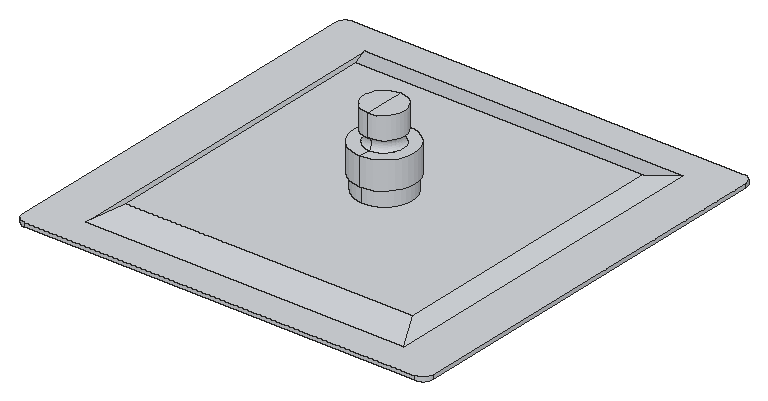
Revit family "BRG-GRF-DCH_ Briggs Reg. Cuad. Slim Inox Cr 20 cm", category Aparatos sanitarios, Revit 2020 (continued)
Definition of nested family "REJILLA"
  Automatic sketch dimensions
    SweptBlend 59 sketch curve to SweptBlend 59 sketch curve = 0.003 m
    SweptBlend 59 sketch curve to profile plane = 0.00 m
    SweptBlend 59 sketch curve to profile plane = 0.000418 m  (x2)
    profile plane to SweptBlend 59 sketch curve = 0.00 m
    SweptBlend 60 sketch curve to SweptBlend 60 sketch curve = 0.003 m
    SweptBlend 60 sketch curve to profile plane = 0.00 m
    SweptBlend 60 sketch curve to profile plane = 0.000418 m  (x2)
    profile plane to SweptBlend 60 sketch curve = 0.00 m
    SweptBlend 61 sketch curve to SweptBlend 61 sketch curve = 0.003 m
    SweptBlend 61 sketch curve to profile plane = 0.00 m
    SweptBlend 61 sketch curve to profile plane = 0.000418 m  (x2)
    profile plane to SweptBlend 61 sketch curve = 0.00 m
    SweptBlend 62 sketch curve to SweptBlend 62 sketch curve = 0.003 m
    SweptBlend 62 sketch curve to profile plane = 0.00 m
    SweptBlend 62 sketch curve to profile plane = 0.000418 m  (x2)
    profile plane to SweptBlend 62 sketch curve = 0.00 m
    SweptBlend 63 sketch curve to SweptBlend 63 sketch curve = 0.003 m
    SweptBlend 63 sketch curve to profile plane = 0.00 m
    SweptBlend 63 sketch curve to profile plane = 0.000418 m  (x2)
    profile plane to SweptBlend 63 sketch curve = 0.00 m
    SweptBlend 64 sketch curve to SweptBlend 64 sketch curve = 0.003 m
    SweptBlend 64 sketch curve to profile plane = 0.00 m
    SweptBlend 64 sketch curve to profile plane = 0.000418 m  (x2)
    profile plane to SweptBlend 64 sketch curve = 0.00 m
    SweptBlend 65 sketch curve to SweptBlend 65 sketch curve = 0.003 m
    SweptBlend 65 sketch curve to profile plane = 0.00 m
    SweptBlend 65 sketch curve to profile plane = 0.000418 m  (x2)
    profile plane to SweptBlend 65 sketch curve = 0.00 m
    SweptBlend 66 sketch curve to SweptBlend 66 sketch curve = 0.003 m
    SweptBlend 66 sketch curve to profile plane = 0.00 m
    SweptBlend 66 sketch curve to profile plane = 0.000418 m  (x2)
    profile plane to SweptBlend 66 sketch curve = 0.00 m
    SweptBlend 67 sketch curve to SweptBlend 67 sketch curve = 0.003 m
    SweptBlend 67 sketch curve to profile plane = 0.00 m
    SweptBlend 67 sketch curve to profile plane = 0.000418 m  (x2)
    profile plane to SweptBlend 67 sketch curve = 0.00 m
    SweptBlend 68 sketch curve to SweptBlend 68 sketch curve = 0.003 m
    SweptBlend 68 sketch curve to profile plane = 0.00 m
    SweptBlend 68 sketch curve to profile plane = 0.000418 m  (x2)
    profile plane to SweptBlend 68 sketch curve = 0.00 m
    SweptBlend 69 sketch curve to SweptBlend 69 sketch curve = 0.003 m
    SweptBlend 69 sketch curve to profile plane = 0.00 m
    SweptBlend 69 sketch curve to profile plane = 0.000418 m  (x2)
    profile plane to SweptBlend 69 sketch curve = 0.00 m
    SweptBlend 70 sketch curve to SweptBlend 70 sketch curve = 0.003 m
    SweptBlend 70 sketch curve to profile plane = 0.00 m
    SweptBlend 70 sketch curve to profile plane = 0.000418 m  (x2)
    profile plane to SweptBlend 70 sketch curve = 0.00 m
    SweptBlend 71 sketch curve to SweptBlend 71 sketch curve = 0.003 m
    SweptBlend 71 sketch curve to profile plane = 0.00 m
    SweptBlend 71 sketch curve to profile plane = 0.000418 m  (x2)
    profile plane to SweptBlend 71 sketch curve = 0.00 m
    SweptBlend 72 sketch curve to SweptBlend 72 sketch curve = 0.003 m
    SweptBlend 72 sketch curve to profile plane = 0.00 m
    SweptBlend 72 sketch curve to profile plane = 0.000418 m  (x2)
    profile plane to SweptBlend 72 sketch curve = 0.00 m
    SweptBlend 73 sketch curve to SweptBlend 73 sketch curve = 0.003 m
    SweptBlend 73 sketch curve to profile plane = 0.00 m
    SweptBlend 73 sketch curve to profile plane = 0.000418 m  (x2)
    profile plane to SweptBlend 73 sketch curve = 0.00 m
    SweptBlend 74 sketch curve to SweptBlend 74 sketch curve = 0.003 m
    SweptBlend 74 sketch curve to profile plane = 0.00 m
    SweptBlend 74 sketch curve to profile plane = 0.000418 m  (x2)
    profile plane to SweptBlend 74 sketch curve = 0.00 m
    SweptBlend 75 sketch curve to SweptBlend 75 sketch curve = 0.003 m
    SweptBlend 75 sketch curve to profile plane = 0.00 m
    SweptBlend 75 sketch curve to profile plane = 0.000418 m  (x2)
    profile plane to SweptBlend 75 sketch curve = 0.00 m
    SweptBlend 76 sketch curve to SweptBlend 76 sketch curve = 0.003 m
    SweptBlend 76 sketch curve to profile plane = 0.00 m
    SweptBlend 76 sketch curve to profile plane = 0.000418 m  (x2)
    profile plane to SweptBlend 76 sketch curve = 0.00 m
    SweptBlend 77 sketch curve to SweptBlend 77 sketch curve = 0.003 m
    SweptBlend 77 sketch curve to profile plane = 0.00 m
    SweptBlend 77 sketch curve to profile plane = 0.000418 m  (x2)
    profile plane to SweptBlend 77 sketch curve = 0.00 m
    SweptBlend 78 sketch curve to SweptBlend 78 sketch curve = 0.003 m
    SweptBlend 78 sketch curve to profile plane = 0.00 m
    SweptBlend 78 sketch curve to profile plane = 0.000418 m  (x2)
    profile plane to SweptBlend 78 sketch curve = 0.00 m
    SweptBlend 79 sketch curve to SweptBlend 79 sketch curve = 0.003 m
    SweptBlend 79 sketch curve to profile plane = 0.00 m
    SweptBlend 79 sketch curve to profile plane = 0.000418 m  (x2)
    profile plane to SweptBlend 79 sketch curve = 0.00 m
    SweptBlend 80 sketch curve to SweptBlend 80 sketch curve = 0.003 m
    SweptBlend 80 sketch curve to profile plane = 0.00 m
    SweptBlend 80 sketch curve to profile plane = 0.000418 m  (x2)
    profile plane to SweptBlend 80 sketch curve = 0.00 m
    SweptBlend 81 sketch curve to SweptBlend 81 sketch curve = 0.003 m
    SweptBlend 81 sketch curve to profile plane = 0.00 m
    SweptBlend 81 sketch curve to profile plane = 0.000418 m  (x2)
    profile plane to SweptBlend 81 sketch curve = 0.00 m
    SweptBlend 82 sketch curve to SweptBlend 82 sketch curve = 0.003 m
    SweptBlend 82 sketch curve to profile plane = 0.00 m
    SweptBlend 82 sketch curve to profile plane = 0.000418 m  (x2)
    profile plane to SweptBlend 82 sketch curve = 0.00 m
    SweptBlend 83 sketch curve to SweptBlend 83 sketch curve = 0.003 m
    SweptBlend 83 sketch curve to profile plane = 0.00 m
    SweptBlend 83 sketch curve to profile plane = 0.000418 m  (x2)
    profile plane to SweptBlend 83 sketch curve = 0.00 m
    SweptBlend 84 sketch curve to SweptBlend 84 sketch curve = 0.003 m
    SweptBlend 84 sketch curve to profile plane = 0.00 m
    SweptBlend 84 sketch curve to profile plane = 0.000418 m  (x2)
    profile plane to SweptBlend 84 sketch curve = 0.00 m
    SweptBlend 85 sketch curve to SweptBlend 85 sketch curve = 0.003 m
    SweptBlend 85 sketch curve to profile plane = 0.00 m
    SweptBlend 85 sketch curve to profile plane = 0.000418 m  (x2)
    profile plane to SweptBlend 85 sketch curve = 0.00 m
    SweptBlend 5 sketch curve to plane 3 "Centro (Izquierda/Derecha)" = 0.080418 m
    SweptBlend 5 sketch curve to level = 0.04664 m
    SweptBlend 6 sketch curve to plane 3 "Centro (Izquierda/Derecha)" = 0.060418 m
    SweptBlend 6 sketch curve to level = 0.04664 m
    SweptBlend 7 sketch curve to plane 3 "Centro (Izquierda/Derecha)" = 0.040418 m
    SweptBlend 7 sketch curve to level = 0.04664 m
    SweptBlend 8 sketch curve to plane 3 "Centro (Izquierda/Derecha)" = 0.020418 m
    SweptBlend 8 sketch curve to level = 0.04664 m
    SweptBlend 9 sketch curve to plane 3 "Centro (Izquierda/Derecha)" = 0.000418 m
    SweptBlend 9 sketch curve to level = 0.04664 m
    plane 3 "Centro (Izquierda/Derecha)" to SweptBlend 10 sketch curve = 0.019582 m
    SweptBlend 10 sketch curve to level = 0.04664 m
    plane 3 "Centro (Izquierda/Derecha)" to SweptBlend 11 sketch curve = 0.039582 m
    SweptBlend 11 sketch curve to level = 0.04664 m
    plane 3 "Centro (Izquierda/Derecha)" to SweptBlend 12 sketch curve = 0.059582 m
    SweptBlend 12 sketch curve to level = 0.04664 m
    plane 3 "Centro (Izquierda/Derecha)" to SweptBlend 13 sketch curve = 0.079582 m
    SweptBlend 13 sketch curve to level = 0.04664 m
    SweptBlend 14 sketch curve to plane 3 "Centro (Izquierda/Derecha)" = 0.080418 m
    SweptBlend 14 sketch curve to level = 0.04664 m
    SweptBlend 15 sketch curve to plane 3 "Centro (Izquierda/Derecha)" = 0.060418 m
    SweptBlend 15 sketch curve to level = 0.04664 m
    SweptBlend 16 sketch curve to plane 3 "Centro (Izquierda/Derecha)" = 0.040418 m
    SweptBlend 16 sketch curve to level = 0.04664 m
    SweptBlend 17 sketch curve to plane 3 "Centro (Izquierda/Derecha)" = 0.020418 m
    SweptBlend 17 sketch curve to level = 0.04664 m
    SweptBlend 18 sketch curve to plane 3 "Centro (Izquierda/Derecha)" = 0.000418 m
    SweptBlend 18 sketch curve to level = 0.04664 m
    plane 3 "Centro (Izquierda/Derecha)" to SweptBlend 19 sketch curve = 0.019582 m
    SweptBlend 19 sketch curve to level = 0.04664 m
    plane 3 "Centro (Izquierda/Derecha)" to SweptBlend 20 sketch curve = 0.039582 m
    SweptBlend 20 sketch curve to level = 0.04664 m
    plane 3 "Centro (Izquierda/Derecha)" to SweptBlend 21 sketch curve = 0.059582 m
    SweptBlend 21 sketch curve to level = 0.04664 m
    plane 3 "Centro (Izquierda/Derecha)" to SweptBlend 22 sketch curve = 0.079582 m
    SweptBlend 22 sketch curve to level = 0.04664 m
    SweptBlend 23 sketch curve to plane 3 "Centro (Izquierda/Derecha)" = 0.080418 m
    SweptBlend 23 sketch curve to level = 0.04664 m
    SweptBlend 24 sketch curve to plane 3 "Centro (Izquierda/Derecha)" = 0.060418 m
    SweptBlend 24 sketch curve to level = 0.04664 m
    SweptBlend 25 sketch curve to plane 3 "Centro (Izquierda/Derecha)" = 0.040418 m
    SweptBlend 25 sketch curve to level = 0.04664 m
    SweptBlend 26 sketch curve to plane 3 "Centro (Izquierda/Derecha)" = 0.020418 m
    SweptBlend 26 sketch curve to level = 0.04664 m
    SweptBlend 27 sketch curve to plane 3 "Centro (Izquierda/Derecha)" = 0.000418 m
    SweptBlend 27 sketch curve to level = 0.04664 m
    plane 3 "Centro (Izquierda/Derecha)" to SweptBlend 28 sketch curve = 0.019582 m
    SweptBlend 28 sketch curve to level = 0.04664 m
    plane 3 "Centro (Izquierda/Derecha)" to SweptBlend 29 sketch curve = 0.039582 m
    SweptBlend 29 sketch curve to level = 0.04664 m
    plane 3 "Centro (Izquierda/Derecha)" to SweptBlend 30 sketch curve = 0.059582 m
    SweptBlend 30 sketch curve to level = 0.04664 m
    plane 3 "Centro (Izquierda/Derecha)" to SweptBlend 31 sketch curve = 0.079582 m
    SweptBlend 31 sketch curve to level = 0.04664 m
    SweptBlend 32 sketch curve to plane 3 "Centro (Izquierda/Derecha)" = 0.080418 m
    SweptBlend 32 sketch curve to level = 0.04664 m
    SweptBlend 33 sketch curve to plane 3 "Centro (Izquierda/Derecha)" = 0.060418 m
    SweptBlend 33 sketch curve to level = 0.04664 m
    SweptBlend 34 sketch curve to plane 3 "Centro (Izquierda/Derecha)" = 0.040418 m
    SweptBlend 34 sketch curve to level = 0.04664 m
    SweptBlend 35 sketch curve to plane 3 "Centro (Izquierda/Derecha)" = 0.020418 m
    SweptBlend 35 sketch curve to level = 0.04664 m
    SweptBlend 36 sketch curve to plane 3 "Centro (Izquierda/Derecha)" = 0.000418 m
    SweptBlend 36 sketch curve to level = 0.04664 m
    plane 3 "Centro (Izquierda/Derecha)" to SweptBlend 37 sketch curve = 0.019582 m
    SweptBlend 37 sketch curve to level = 0.04664 m
    plane 3 "Centro (Izquierda/Derecha)" to SweptBlend 38 sketch curve = 0.039582 m
    SweptBlend 38 sketch curve to level = 0.04664 m
    plane 3 "Centro (Izquierda/Derecha)" to SweptBlend 39 sketch curve = 0.059582 m
    SweptBlend 39 sketch curve to level = 0.04664 m
    plane 3 "Centro (Izquierda/Derecha)" to SweptBlend 40 sketch curve = 0.079582 m
    SweptBlend 40 sketch curve to level = 0.04664 m
    SweptBlend 41 sketch curve to plane 3 "Centro (Izquierda/Derecha)" = 0.080418 m
    SweptBlend 41 sketch curve to level = 0.04664 m
    SweptBlend 42 sketch curve to plane 3 "Centro (Izquierda/Derecha)" = 0.060418 m
    SweptBlend 42 sketch curve to level = 0.04664 m
    SweptBlend 43 sketch curve to plane 3 "Centro (Izquierda/Derecha)" = 0.040418 m
    SweptBlend 43 sketch curve to level = 0.04664 m
    SweptBlend 44 sketch curve to plane 3 "Centro (Izquierda/Derecha)" = 0.020418 m
    SweptBlend 44 sketch curve to level = 0.04664 m
    SweptBlend 45 sketch curve to plane 3 "Centro (Izquierda/Derecha)" = 0.000418 m
    SweptBlend 45 sketch curve to level = 0.04664 m
    plane 3 "Centro (Izquierda/Derecha)" to SweptBlend 46 sketch curve = 0.019582 m
    SweptBlend 46 sketch curve to level = 0.04664 m
    plane 3 "Centro (Izquierda/Derecha)" to SweptBlend 47 sketch curve = 0.039582 m
    SweptBlend 47 sketch curve to level = 0.04664 m
    plane 3 "Centro (Izquierda/Derecha)" to SweptBlend 48 sketch curve = 0.059582 m
    SweptBlend 48 sketch curve to level = 0.04664 m
    plane 3 "Centro (Izquierda/Derecha)" to SweptBlend 49 sketch curve = 0.079582 m
    SweptBlend 49 sketch curve to level = 0.04664 m
    SweptBlend 50 sketch curve to plane 3 "Centro (Izquierda/Derecha)" = 0.080418 m
    SweptBlend 50 sketch curve to level = 0.04664 m
    SweptBlend 51 sketch curve to plane 3 "Centro (Izquierda/Derecha)" = 0.060418 m
    SweptBlend 51 sketch curve to level = 0.04664 m
    SweptBlend 52 sketch curve to plane 3 "Centro (Izquierda/Derecha)" = 0.040418 m
    SweptBlend 52 sketch curve to level = 0.04664 m
    SweptBlend 53 sketch curve to plane 3 "Centro (Izquierda/Derecha)" = 0.020418 m
    SweptBlend 53 sketch curve to level = 0.04664 m
    SweptBlend 54 sketch curve to plane 3 "Centro (Izquierda/Derecha)" = 0.000418 m
    SweptBlend 54 sketch curve to level = 0.04664 m
    plane 3 "Centro (Izquierda/Derecha)" to SweptBlend 55 sketch curve = 0.019582 m
    SweptBlend 55 sketch curve to level = 0.04664 m
    plane 3 "Centro (Izquierda/Derecha)" to SweptBlend 56 sketch curve = 0.039582 m
    SweptBlend 56 sketch curve to level = 0.04664 m
    plane 3 "Centro (Izquierda/Derecha)" to SweptBlend 57 sketch curve = 0.059582 m
    SweptBlend 57 sketch curve to level = 0.04664 m
    plane 3 "Centro (Izquierda/Derecha)" to SweptBlend 58 sketch curve = 0.079582 m
    SweptBlend 58 sketch curve to level = 0.04664 m
    SweptBlend 59 sketch curve to plane 3 "Centro (Izquierda/Derecha)" = 0.080418 m
    SweptBlend 59 sketch curve to level = 0.04664 m
    SweptBlend 60 sketch curve to plane 3 "Centro (Izquierda/Derecha)" = 0.060418 m
    SweptBlend 60 sketch curve to level = 0.04664 m
    SweptBlend 61 sketch curve to plane 3 "Centro (Izquierda/Derecha)" = 0.040418 m
    SweptBlend 61 sketch curve to level = 0.04664 m
    SweptBlend 62 sketch curve to plane 3 "Centro (Izquierda/Derecha)" = 0.020418 m
    SweptBlend 62 sketch curve to level = 0.04664 m
    SweptBlend 63 sketch curve to plane 3 "Centro (Izquierda/Derecha)" = 0.000418 m
    SweptBlend 63 sketch curve to level = 0.04664 m
    plane 3 "Centro (Izquierda/Derecha)" to SweptBlend 64 sketch curve = 0.019582 m
    SweptBlend 64 sketch curve to level = 0.04664 m
    plane 3 "Centro (Izquierda/Derecha)" to SweptBlend 65 sketch curve = 0.039582 m
    SweptBlend 65 sketch curve to level = 0.04664 m
    plane 3 "Centro (Izquierda/Derecha)" to SweptBlend 66 sketch curve = 0.059582 m
    SweptBlend 66 sketch curve to level = 0.04664 m
    plane 3 "Centro (Izquierda/Derecha)" to SweptBlend 67 sketch curve = 0.079582 m
    SweptBlend 67 sketch curve to level = 0.04664 m
    SweptBlend 68 sketch curve to plane 3 "Centro (Izquierda/Derecha)" = 0.080418 m
    SweptBlend 68 sketch curve to level = 0.04664 m
    SweptBlend 69 sketch curve to plane 3 "Centro (Izquierda/Derecha)" = 0.060418 m
    SweptBlend 69 sketch curve to level = 0.04664 m
    SweptBlend 70 sketch curve to plane 3 "Centro (Izquierda/Derecha)" = 0.040418 m
    SweptBlend 70 sketch curve to level = 0.04664 m
    SweptBlend 71 sketch curve to plane 3 "Centro (Izquierda/Derecha)" = 0.020418 m
    SweptBlend 71 sketch curve to level = 0.04664 m
    SweptBlend 72 sketch curve to plane 3 "Centro (Izquierda/Derecha)" = 0.000418 m
    SweptBlend 72 sketch curve to level = 0.04664 m
    plane 3 "Centro (Izquierda/Derecha)" to SweptBlend 73 sketch curve = 0.019582 m
    SweptBlend 73 sketch curve to level = 0.04664 m
    plane 3 "Centro (Izquierda/Derecha)" to SweptBlend 74 sketch curve = 0.039582 m
    SweptBlend 74 sketch curve to level = 0.04664 m
    plane 3 "Centro (Izquierda/Derecha)" to SweptBlend 75 sketch curve = 0.059582 m
    SweptBlend 75 sketch curve to level = 0.04664 m
    plane 3 "Centro (Izquierda/Derecha)" to SweptBlend 76 sketch curve = 0.079582 m
    SweptBlend 76 sketch curve to level = 0.04664 m
    SweptBlend 77 sketch curve to plane 3 "Centro (Izquierda/Derecha)" = 0.080418 m
    SweptBlend 77 sketch curve to level = 0.04664 m
    SweptBlend 78 sketch curve to plane 3 "Centro (Izquierda/Derecha)" = 0.060418 m
    SweptBlend 78 sketch curve to level = 0.04664 m
    SweptBlend 79 sketch curve to plane 3 "Centro (Izquierda/Derecha)" = 0.040418 m
    SweptBlend 79 sketch curve to level = 0.04664 m
    SweptBlend 80 sketch curve to plane 3 "Centro (Izquierda/Derecha)" = 0.020418 m
    SweptBlend 80 sketch curve to level = 0.04664 m
    SweptBlend 81 sketch curve to plane 3 "Centro (Izquierda/Derecha)" = 0.000418 m
    SweptBlend 81 sketch curve to level = 0.04664 m
    plane 3 "Centro (Izquierda/Derecha)" to SweptBlend 82 sketch curve = 0.019582 m
    SweptBlend 82 sketch curve to level = 0.04664 m
    plane 3 "Centro (Izquierda/Derecha)" to SweptBlend 83 sketch curve = 0.039582 m
    SweptBlend 83 sketch curve to level = 0.04664 m
    plane 3 "Centro (Izquierda/Derecha)" to SweptBlend 84 sketch curve = 0.059582 m
    SweptBlend 84 sketch curve to level = 0.04664 m
    plane 3 "Centro (Izquierda/Derecha)" to SweptBlend 85 sketch curve = 0.079582 m
    SweptBlend 85 sketch curve to level = 0.04664 m
    radius of SweptBlend 4 sketch curve = 0.0015 m
    radius of SweptBlend 4 sketch curve = 0.003 m
    radius of SweptBlend 5 sketch curve = 0.003418 m
    radius of SweptBlend 5 sketch curve = 0.0015 m
    radius of SweptBlend 6 sketch curve = 0.003418 m
    radius of SweptBlend 6 sketch curve = 0.0015 m
    radius of SweptBlend 7 sketch curve = 0.003418 m
    radius of SweptBlend 7 sketch curve = 0.0015 m
    radius of SweptBlend 8 sketch curve = 0.003418 m
    radius of SweptBlend 8 sketch curve = 0.0015 m
    radius of SweptBlend 9 sketch curve = 0.003418 m
    radius of SweptBlend 9 sketch curve = 0.0015 m
    radius of SweptBlend 10 sketch curve = 0.003418 m
    radius of SweptBlend 10 sketch curve = 0.0015 m
    radius of SweptBlend 11 sketch curve = 0.003418 m
    radius of SweptBlend 11 sketch curve = 0.0015 m
    radius of SweptBlend 12 sketch curve = 0.003418 m
    radius of SweptBlend 12 sketch curve = 0.0015 m
    radius of SweptBlend 13 sketch curve = 0.003418 m
    radius of SweptBlend 13 sketch curve = 0.0015 m
    radius of SweptBlend 14 sketch curve = 0.003418 m
    radius of SweptBlend 14 sketch curve = 0.0015 m
    radius of SweptBlend 15 sketch curve = 0.003418 m
    radius of SweptBlend 15 sketch curve = 0.0015 m
    radius of SweptBlend 16 sketch curve = 0.003418 m
    radius of SweptBlend 16 sketch curve = 0.0015 m
    radius of SweptBlend 17 sketch curve = 0.003418 m
    radius of SweptBlend 17 sketch curve = 0.0015 m
    radius of SweptBlend 18 sketch curve = 0.003418 m
    radius of SweptBlend 18 sketch curve = 0.0015 m
    radius of SweptBlend 19 sketch curve = 0.003418 m
    radius of SweptBlend 19 sketch curve = 0.0015 m
    radius of SweptBlend 20 sketch curve = 0.003418 m
    radius of SweptBlend 20 sketch curve = 0.0015 m
    radius of SweptBlend 21 sketch curve = 0.003418 m
    radius of SweptBlend 21 sketch curve = 0.0015 m
    radius of SweptBlend 22 sketch curve = 0.003418 m
    radius of SweptBlend 22 sketch curve = 0.0015 m
    radius of SweptBlend 23 sketch curve = 0.003418 m
    radius of SweptBlend 23 sketch curve = 0.0015 m
    radius of SweptBlend 24 sketch curve = 0.003418 m
    radius of SweptBlend 24 sketch curve = 0.0015 m
    radius of SweptBlend 25 sketch curve = 0.003418 m
    radius of SweptBlend 25 sketch curve = 0.0015 m
    radius of SweptBlend 26 sketch curve = 0.003418 m
    radius of SweptBlend 26 sketch curve = 0.0015 m
    radius of SweptBlend 27 sketch curve = 0.003418 m
    radius of SweptBlend 27 sketch curve = 0.0015 m
    radius of SweptBlend 28 sketch curve = 0.003418 m
    radius of SweptBlend 28 sketch curve = 0.0015 m
    radius of SweptBlend 29 sketch curve = 0.003418 m
    radius of SweptBlend 29 sketch curve = 0.0015 m
    radius of SweptBlend 30 sketch curve = 0.003418 m
    radius of SweptBlend 30 sketch curve = 0.0015 m
    radius of SweptBlend 31 sketch curve = 0.003418 m
    radius of SweptBlend 31 sketch curve = 0.0015 m
    radius of SweptBlend 32 sketch curve = 0.003418 m
    radius of SweptBlend 32 sketch curve = 0.0015 m
    radius of SweptBlend 33 sketch curve = 0.003418 m
    radius of SweptBlend 33 sketch curve = 0.0015 m
    radius of SweptBlend 34 sketch curve = 0.003418 m
    radius of SweptBlend 34 sketch curve = 0.0015 m
    radius of SweptBlend 35 sketch curve = 0.003418 m
    radius of SweptBlend 35 sketch curve = 0.0015 m
    radius of SweptBlend 36 sketch curve = 0.003418 m
    radius of SweptBlend 36 sketch curve = 0.0015 m
    radius of SweptBlend 37 sketch curve = 0.003418 m
    radius of SweptBlend 37 sketch curve = 0.0015 m
    radius of SweptBlend 38 sketch curve = 0.003418 m
    radius of SweptBlend 38 sketch curve = 0.0015 m
    radius of SweptBlend 39 sketch curve = 0.003418 m
    radius of SweptBlend 39 sketch curve = 0.0015 m
    radius of SweptBlend 40 sketch curve = 0.003418 m
    radius of SweptBlend 40 sketch curve = 0.0015 m
    radius of SweptBlend 41 sketch curve = 0.003418 m
    radius of SweptBlend 41 sketch curve = 0.0015 m
    radius of SweptBlend 42 sketch curve = 0.003418 m
    radius of SweptBlend 42 sketch curve = 0.0015 m
    radius of SweptBlend 43 sketch curve = 0.003418 m
    radius of SweptBlend 43 sketch curve = 0.0015 m
    radius of SweptBlend 44 sketch curve = 0.003418 m
    radius of SweptBlend 44 sketch curve = 0.0015 m
    radius of SweptBlend 45 sketch curve = 0.003418 m
    radius of SweptBlend 45 sketch curve = 0.0015 m
    radius of SweptBlend 46 sketch curve = 0.003418 m
    radius of SweptBlend 46 sketch curve = 0.0015 m
    radius of SweptBlend 47 sketch curve = 0.003418 m
    radius of SweptBlend 47 sketch curve = 0.0015 m
    radius of SweptBlend 48 sketch curve = 0.003418 m
    radius of SweptBlend 48 sketch curve = 0.0015 m
    radius of SweptBlend 49 sketch curve = 0.003418 m
    radius of SweptBlend 49 sketch curve = 0.0015 m
    radius of SweptBlend 50 sketch curve = 0.003418 m
    radius of SweptBlend 50 sketch curve = 0.0015 m
    radius of SweptBlend 51 sketch curve = 0.003418 m
    radius of SweptBlend 51 sketch curve = 0.0015 m
    radius of SweptBlend 52 sketch curve = 0.003418 m
    radius of SweptBlend 52 sketch curve = 0.0015 m
    radius of SweptBlend 53 sketch curve = 0.003418 m
    radius of SweptBlend 53 sketch curve = 0.0015 m
    radius of SweptBlend 54 sketch curve = 0.003418 m
    radius of SweptBlend 54 sketch curve = 0.0015 m
    radius of SweptBlend 55 sketch curve = 0.003418 m
    radius of SweptBlend 55 sketch curve = 0.0015 m
    radius of SweptBlend 56 sketch curve = 0.003418 m
    radius of SweptBlend 56 sketch curve = 0.0015 m
    radius of SweptBlend 57 sketch curve = 0.003418 m
    radius of SweptBlend 57 sketch curve = 0.0015 m
    radius of SweptBlend 58 sketch curve = 0.003418 m
    radius of SweptBlend 58 sketch curve = 0.0015 m
    radius of SweptBlend 59 sketch curve = 0.003418 m
    radius of SweptBlend 59 sketch curve = 0.0015 m
    radius of SweptBlend 60 sketch curve = 0.003418 m
    radius of SweptBlend 60 sketch curve = 0.0015 m
    radius of SweptBlend 61 sketch curve = 0.003418 m
    radius of SweptBlend 61 sketch curve = 0.0015 m
    radius of SweptBlend 62 sketch curve = 0.003418 m
    radius of SweptBlend 62 sketch curve = 0.0015 m
    radius of SweptBlend 63 sketch curve = 0.003418 m
    radius of SweptBlend 63 sketch curve = 0.0015 m
    radius of SweptBlend 64 sketch curve = 0.003418 m
    radius of SweptBlend 64 sketch curve = 0.0015 m
    radius of SweptBlend 65 sketch curve = 0.003418 m
    radius of SweptBlend 65 sketch curve = 0.0015 m
    radius of SweptBlend 66 sketch curve = 0.003418 m
    radius of SweptBlend 66 sketch curve = 0.0015 m
    radius of SweptBlend 67 sketch curve = 0.003418 m
    radius of SweptBlend 67 sketch curve = 0.0015 m
    radius of SweptBlend 68 sketch curve = 0.003418 m
    radius of SweptBlend 68 sketch curve = 0.0015 m
    radius of SweptBlend 69 sketch curve = 0.003418 m
    radius of SweptBlend 69 sketch curve = 0.0015 m
    radius of SweptBlend 70 sketch curve = 0.003418 m
    radius of SweptBlend 70 sketch curve = 0.0015 m
    radius of SweptBlend 71 sketch curve = 0.003418 m
    radius of SweptBlend 71 sketch curve = 0.0015 m
    radius of SweptBlend 72 sketch curve = 0.003418 m
    radius of SweptBlend 72 sketch curve = 0.0015 m
    radius of SweptBlend 73 sketch curve = 0.003418 m
    radius of SweptBlend 73 sketch curve = 0.0015 m
    radius of SweptBlend 74 sketch curve = 0.003418 m
    radius of SweptBlend 74 sketch curve = 0.0015 m
    radius of SweptBlend 75 sketch curve = 0.003418 m
    radius of SweptBlend 75 sketch curve = 0.0015 m
    radius of SweptBlend 76 sketch curve = 0.003418 m
    radius of SweptBlend 76 sketch curve = 0.0015 m
    radius of SweptBlend 77 sketch curve = 0.003418 m
    radius of SweptBlend 77 sketch curve = 0.0015 m
    radius of SweptBlend 78 sketch curve = 0.003418 m
    radius of SweptBlend 78 sketch curve = 0.0015 m
    radius of SweptBlend 79 sketch curve = 0.003418 m
    radius of SweptBlend 79 sketch curve = 0.0015 m
    radius of SweptBlend 80 sketch curve = 0.003418 m
    radius of SweptBlend 80 sketch curve = 0.0015 m
    radius of SweptBlend 81 sketch curve = 0.003418 m
    radius of SweptBlend 81 sketch curve = 0.0015 m
    radius of SweptBlend 82 sketch curve = 0.003418 m
    radius of SweptBlend 82 sketch curve = 0.0015 m
    radius of SweptBlend 83 sketch curve = 0.003418 m
    radius of SweptBlend 83 sketch curve = 0.0015 m
    radius of SweptBlend 84 sketch curve = 0.003418 m
    radius of SweptBlend 84 sketch curve = 0.0015 m
    radius of SweptBlend 85 sketch curve = 0.003418 m
    radius of SweptBlend 85 sketch curve = 0.0015 m
